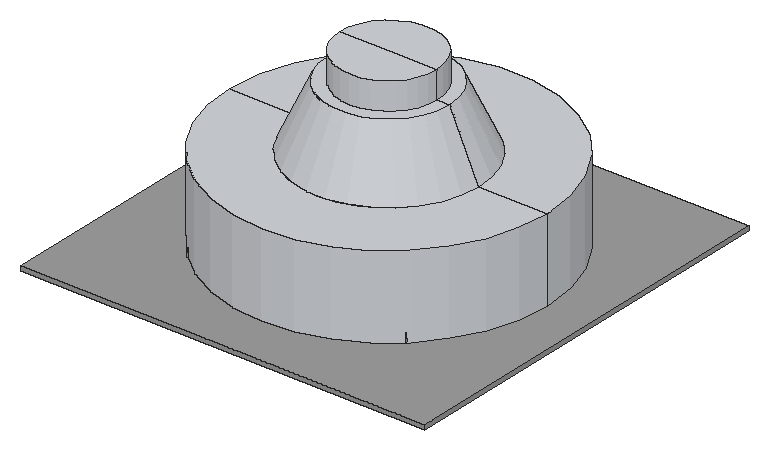
Revit family "Alcon-14009-6-Revit-Family", category Lighting Fixtures, host Ceiling, Revit 2021
Family settings
  Host = Ceiling
  Round Connector Dimension = Use Diameter
  Part Type = Normal
  Always vertical = Yes
  Cut with Voids When Loaded = Yes
  Light Source = Yes
  Shared = No
  Room Calculation Point = No
Parameters (values of type "Type 1")
  Lens = none
  Wattage = 9.2903 W
  built-in parameter 1150110 = 1 (stored number, unit not read)
  built-in parameter 1114217 = 1 (stored number, unit not read)
  Tilt Angle = 60.00°
  built-in parameter 1150109 = 1 (stored number, unit not read)
  built-in parameter 1150134 = 3
  built-in parameter 1150113 = 1 (stored number, unit not read)
  built-in parameter 1010507 = 1.5708 (stored number, unit not read)
  built-in parameter 1010506 = 0.5236 (stored number, unit not read)
  Product Identity = "Alcon Lighting 14009-6"
  Manufacturer = "Alcon Light"
  built-in parameter 1150105 = 4614.1 (stored number, unit not read)
  Lumens = 1380 lm
  built-in parameter 1150115 = 1 (stored number, unit not read)
  Link To Product Page = "https://www.alconlighting.com/escala-14009-6.html"
  Light Source Symbol Length = 10' - 0"
  built-in parameter 1150137 = (empty or 0)
  built-in parameter 1150139 = (empty or 0)
  built-in parameter 1150112 = 1 (stored number, unit not read)
  built-in parameter 1150114 = 1 (stored number, unit not read)
  built-in parameter 1150132 = (empty or 0)
  built-in parameter 1150102 = (empty or 0)
  built-in parameter 1150107 = 3200 (stored number, unit not read)
  built-in parameter 1150138 = (empty or 0)
  built-in parameter 1150106 = 46.141 (stored number, unit not read)
  Housing = Default
  built-in parameter 1150104 = 13.8 (stored number, unit not read)
  Engine = none
  Dimming Lamp Color Temperature Shift = <None>
  Default Elevation = 0' - 0"
  Color Filter = 16777215
  built-in parameter 1114218 = 1 (stored number, unit not read)
  built-in parameter 1150133 = 10 (stored number, unit not read)
Reference planes (in)
  plane 1 "Center (Front/Back)": y = 0
  plane 2: z = 0
  plane 3 "Center (Left/Right)": x = 0
  plane 4 "Ceiling": z = 157.48031
Forms (in)
  Extrusion 1, void
    sketch origin (0, 0, 157.48031) x (0, 1, 0) y (-1, 0, 0)
      loop
        line (3.27516, 3.365) -> (-3.45484, 3.365) -> (-3.45484, -3.365) -> (3.27516, -3.365) -> (3.27516, 3.365)
    from -0.16269 to 0.40669
  Sweep 2, solid, material "Default" <- "Housing"
    path origin (0, 0, 157.48031) x (0, 1, 0) y (-1, 0, 0)
      loop
        line (-2.54984, -2.46) -> (2.37016, -2.46) -> (2.37016, 2.46) -> (-2.54984, 2.46) -> (-2.54984, -2.46)
    profile origin (2.46, -0.08984, 157.48031) x (-1, 0, 0) y (0, 0, 1)
      loop
        line (-0.905, 0) -> (-0.905, -0.0767) -> (0.69188, -0.0767) -> (0.82669, 1.20257) -> (0.75855, 1.20257) -> (0.63182, 0) -> (-0.905, 0)
  Revolve 3, solid, material <- "Engine"
    sketch origin (0, 0, 0) x (1, 0, 0) y (0, 0, 1)
      loop
        line (-2.64306, 157.48031) -> (-2.57719, 157.48031) -> (-2.57719, 158.73031) -> (0, 158.73031) -> (0, 160.35362) -> (-0.80664, 160.35362) -> (-0.80664, 159.89992) -> (-1.0182, 159.89992) -> (-1.50531, 158.85531) -> (-2.64306, 158.85531) -> (-2.64306, 157.48031)
      axis (0, 160.35362) -> (0, 157.48031)
    angle from 0 to 360
  Extrusion 4, solid, material <- "Lens"
    sketch origin (0, 0, 157.48031) x (0, 1, 0) y (-1, 0, 0)
      loop
        line (1.57472, 1.66456) -> (-1.7544, 1.66456) -> (-1.7544, -1.66456) -> (1.57472, -1.66456) -> (1.57472, 1.66456)
    from 0.74428 to 0.85503
Dimensions and locks (in)
  equal spacing: host sketch curve, plane 3 "Center (Left/Right)", host sketch curve
  equal spacing: host sketch curve, plane 1 "Center (Front/Back)", host sketch curve
  host sketch curve to host sketch curve = 13' - 1.48031"  (x2)
  plane 4 "Ceiling" to host ceiling = 0' - 0"
  Sweep 2 to Sweep 2 = 0' - 6.73"
  Sweep 2 to Revolve 3 = 0' - 2.95"
